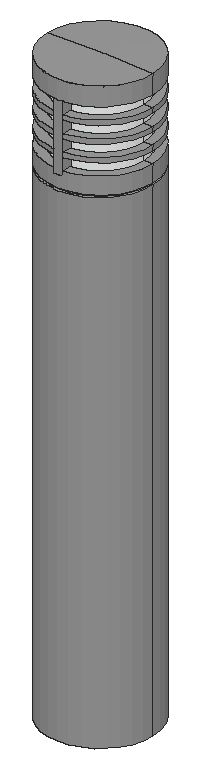
Revit family "99760_99620_HOST_FACE", category Lighting Fixtures, host Face, Revit 2015
Parameters (values of type "BEGA LED System Bollards")
  Wattage = 1.26564 W
  built-in parameter 1150110 = 1 (stored number, unit not read)
  URL = "www.bega-us.com"
  built-in parameter 1114217 = 1 (stored number, unit not read)
  Tilt Angle = 90.00°
  built-in parameter 1150109 = 1 (stored number, unit not read)
  built-in parameter 1150134 = (empty or 0)
  Telephone = "805.684.0533"
  built-in parameter 1150113 = 1 (stored number, unit not read)
  Photometric Web File = "99760.ies"
  Model = "99 760 & 99 620"
  Manufacturer = "BEGA-US"
  built-in parameter 1150105 = 14.961 (stored number, unit not read)
  Lumens = 188 lm
  built-in parameter 1150115 = 1 (stored number, unit not read)
  built-in parameter 1150137 = (empty or 0)
  built-in parameter 1150139 = (empty or 0)
  built-in parameter 1150112 = 1 (stored number, unit not read)
  built-in parameter 1150114 = 1 (stored number, unit not read)
  Lamp = "9.0 W LED"
  built-in parameter 1150132 = 2
  built-in parameter 1150102 = (empty or 0)
  built-in parameter 1150107 = 3000 (stored number, unit not read)
  built-in parameter 1150138 = (empty or 0)
  built-in parameter 1150106 = 0.14961 (stored number, unit not read)
  built-in parameter 1150104 = 13.8 (stored number, unit not read)
  Dimming Lamp Color Temperature Shift = <None>
  Description = "BEGA LED system bollard - unshielded with safety guard"
  Default Elevation = 0' - 0"
  Color Filter = 16777215
  built-in parameter 1114218 = 1 (stored number, unit not read)
  built-in parameter 1150133 = 10 (stored number, unit not read)
Types (4): name | Wattage | built-in parameter 1150134 | Photometric Web File | Model | built-in parameter 1150105 | Lumens | Lamp | built-in parameter 1150107 | built-in parameter 1150106 | Description | Default Elevation
  (no name) | 1.26564 W | (empty or 0) | "99760.ies" | "99 760 & 99 620" | 14.961 (stored number, unit not read) | 188 lm | "9.0 W LED" | 3000 (stored number, unit not read) | 0.14961 (stored number, unit not read) | "BEGA LED system bollard - unshielded with safety guard" | 0' - 0"
  Wall Luminaires - Directed Light | 18.4392 W | (empty or 0) | "generic" | "2260LED" | 217.96 (stored number, unit not read) | 2739 lm | "44.6W LED" | 3000 (stored number, unit not read) | 2.1796 (stored number, unit not read) | "Surface wall with cutoff optics" | 6' - 0"
  Wall Luminaires - Linear | 9.92985 W | 9 | "generic" | "4425P" | 117.38 (stored number, unit not read) | 1475 lm | "(1) 39W CF twin-4-p" | 3450 (stored number, unit not read) | 1.1738 (stored number, unit not read) | "Suface wall - linear with white acrylic diffuser" | 6' - 0"
  BEGA LED System Bollards | 1.26564 W | (empty or 0) | "99760.ies" | "99 760 & 99 620" | 14.961 (stored number, unit not read) | 188 lm | "9.0 W LED" | 3000 (stored number, unit not read) | 0.14961 (stored number, unit not read) | "BEGA LED system bollard - unshielded with safety guard" | 0' - 0"
Reference planes (in)
  plane 1 "Center (Front/Back)": y = 0
  plane 2: z = 0
  plane 3 "Center (Left/Right)": x = 0
Dimensions and locks (in)
  aligned and locked: plane 2 to host face
  aligned and locked: level to host face
Nested families (in)
  nested 1: "99760_99620" at (0, 0, 0), type "99760_99620"
Connectors (in)
  electrical at (0, 0, 0)
    settings: on host face, index 1, voltage 0 V, apparent load 0 VA, apparent load phase1 0 VA, apparent load phase2 0 VA, apparent load phase3 0 VA, power factor 1, load classification "Other", number of poles 1, system type 31, power factor state 1, is connector primary yes, connector utility no, sub classification motor no, connector description ""
Definition of nested family "99760_99620"
  Reference planes (in)
    plane 1 "Center (Front/Back)": y = 0
    plane 2: z = 0
    plane 3 "Center (Left/Right)": x = 0
  Forms (in)
    Revolve 1, solid
      sketch origin (0, 0, 0) x (1, 0, 0) y (0, 0, 1)
        loop
          line (0, 0) -> (2.75, 0) -> (2.75, 25.75) -> (2.625, 25.75) -> (2.625, 25.875) -> (2.5, 25.875) -> (2.5, 0.375) -> (0, 0.375) -> (0, 0)
        axis (0, 25.875) -> (0, 0)
      angle from 0 to 360
    Revolve 2, solid
      sketch origin (0, 0, 0) x (1, 0, 0) y (0, 0, 1)
        loop
          line (2.75, 25.875) -> (2.75, 26.75) -> (2.25, 26.75) -> (2.25, 26.5) -> (0, 26.5) -> (0, 26.25) -> (2.0625, 26.25) -> (2.0625, 24.875) -> (1.5625, 24.875) -> (1.5625, 22.75) -> (0, 22.75) -> (0, 22.5) -> (1.8125, 22.5) -> (1.8125, 24.625) -> (2.3125, 24.625) -> (2.3125, 25.875) -> (2.75, 25.875)
        loop
          line (2.75, 27.375) -> (2.75, 27.625) -> (2.25, 27.625) -> (2.25, 27.375) -> (2.75, 27.375)
        loop
          line (2.75, 28.25) -> (2.75, 28.5) -> (2.25, 28.5) -> (2.25, 28.25) -> (2.75, 28.25)
        loop
          line (2.75, 29.125) -> (2.75, 29.375) -> (2.25, 29.375) -> (2.25, 29.125) -> (2.75, 29.125)
        loop
          line (2.75, 30) -> (2.75, 30.952) -> (0, 31) -> (0, 30) -> (2.75, 30)
        axis (0, 31) -> (0, 22.5)
      angle from 0 to 360
    Extrusion 3, solid
      sketch origin (0, 0, 0) x (1, 0, 0) y (0, 1, 0)
        loop
          arc (0.25, 2.73861) -> (0, 2.75) -> (-0.25, 2.73861) r 2.75
          line (-0.25, 2.73861) -> (-0.25, 2.23607)
          arc (-0.25, 2.23607) -> (0, 2.25) -> (0.25, 2.23607) r 2.25
          line (0.25, 2.23607) -> (0.25, 2.73861)
        loop
          line (0.25, -2.73861) -> (0.25, -2.23607)
          arc (0.25, -2.23607) -> (0, -2.25) -> (-0.25, -2.23607) r 2.25
          line (-0.25, -2.23607) -> (-0.25, -2.73861)
          arc (-0.25, -2.73861) -> (0, -2.75) -> (0.25, -2.73861) r 2.75
      from 26.5 to 30
    Revolve 4, solid
      sketch origin (0, 0, 0) x (1, 0, 0) y (0, 0, 1)
        loop
          line (-2.25, 26.5) -> (-2.125, 26.5) -> (-2.125, 30) -> (-2.25, 30) -> (-2.25, 26.5)
        axis (0, 30) -> (0, 26.5)
      angle from 0 to 360
  Cuts and joins
    joined: Revolve 2, Extrusion 3
  Dimensions and locks (in)
    aligned and locked: plane 2 to level
